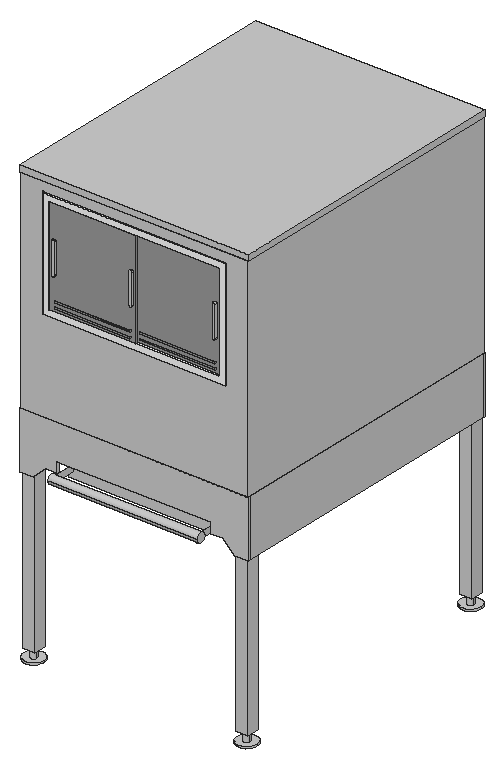
Revit family "QF_HOSHIZAKI_ITS500NS-31", category Specialty Equipment, Revit 2016
Family settings
  Part Type = Normal
  Round Connector Dimension = Use Diameter
  OmniClass Number = 23.40.40.14
  OmniClass Title = Food Service Equipment
  Work Plane-Based = No
  Always vertical = Yes
  Cut with Voids When Loaded = No
  Shared = No
  Room Calculation Point = No
Parameters (values of type "ITS500NS-31")
  Weight = 166.00 kg
  URL Cutsheet = ""
  URL = "www.hoshizaki-europe.com"
  Status [instance] = ""
  Specification by User [instance] = ""
  Specification by Manufacturer [instance] = ""
  Serial Number = ""
  Seismic Rating = ""
  SMACNA No = ""
  Revision Code [instance] = ""
  NAFEM Spec ID Number = ""
  Model = "ITS500NS-31"
  Masterspec = ""
  Manufacturer = "HOSHIZAKI"
  Length Actual = 787 mm
  Item Number [instance] = ""
  Installed By [instance] = ""
  Identify Quantity as Lot [instance] = no
  Height Actual = 1524 mm
  Furnished By [instance] = ""
  Foodservice Equipment Identifier [instance] = yes
  Description = "ICE TRANSPORT SYSTEM, 174KG BIN CAPACITY, SINGLE CART"
  Depth Actual = 1016 mm
  Cost = 0
  CSI MasterFormat = ""
  Assembly Code = "E1090320"
  Accessory = no
Reference planes
  plane 1 "Center (Front/Back)": y = 0
  plane 2: z = 0
  plane 3 "Center (Left/Right)": x = 0
Dimensions and locks
  aligned and locked: level to plane 2
Nested families
  nested 1: "QF_HOSHIZAKI_ITS500NS-31" at (0, 0, 0), type "ITS500NS-31"
    with Show Clearance yes
Definition of nested family "QF_HOSHIZAKI_ITS500NS-31"
  Parameters (values of type "ITS500NS-31")
    URL = "www.hoshizaki-europe.com"
    Show Clearance [instance] = yes
    Model = "ITS500NS-31"
    Manufacturer = "HOSHIZAKI"
    Description = "ICE TRANSPORT SYSTEM, 174KG BIN CAPACITY, SINGLE CART"
    Assembly Code = "E1090320"
  Reference planes
    plane 1 "Back": y = 0
    plane 2: z = 0
    plane 3 "Left": x = 0
    plane 4 "Right": x = 787
    plane 5 "Front": y = -1016
    plane 6 "Top": z = 1524
    plane 7: z = 775
  Forms (mm)
    Extrusion 1, solid
      sketch origin (44.953, -123.309, 1504) x (1, 0, 0) y (0, 1, 0)
        loop
          line (-44.453, -892.691) -> (741.547, -892.691) -> (741.547, 123.309) -> (-44.453, 123.309) -> (-44.453, -892.691)
      from 0 to 20
    Extrusion 2, solid
      sketch origin (0, 0, 0) x (1, 0, 0) y (0, 1, 0)
        loop
          line (2.5, -2) -> (2.5, -1014) -> (77.5, -1014) -> (77.5, -1004) -> (12.5, -1004) -> (12.5, -12) -> (774.5, -12) -> (774.5, -1004) -> (709.5, -1004) -> (709.5, -1014) -> (784.5, -1014) -> (784.5, -2) -> (2.5, -2)
      from 1504 to 775
    Extrusion 3, solid
      sketch origin (0, 0, 1469) x (1, 0, 0) y (0, 1, 0)
        loop
          line (77.5, -1004) -> (77.5, -1014) -> (709.5, -1014) -> (709.5, -1004) -> (77.5, -1004)
      from 0 to 35
    Extrusion 4, solid
      sketch origin (0, 0, 775) x (1, 0, 0) y (0, 1, 0)
        loop
          line (77.5, -1004) -> (77.5, -1014) -> (709.5, -1014) -> (709.5, -1004) -> (77.5, -1004)
      from 0 to 315
    Extrusion 5, solid
      sketch origin (0, 0, 775) x (1, 0, 0) y (0, 1, 0)
        loop
          line (12.5, -12) -> (12.5, -1004) -> (774.5, -1004) -> (774.5, -12) -> (12.5, -12)
      from 0 to 10
    Extrusion 6, solid
      sketch origin (0, 0, 330) x (1, 0, 0) y (0, 0, 1)
        loop
          line (79.5, 1137) -> (79.5, 762) -> (707.5, 762) -> (707.5, 1137) -> (79.5, 1137)
        loop
          line (687.5, 1117) -> (99.5, 1117) -> (99.5, 782) -> (687.5, 782) -> (687.5, 1117)
      from 1016 to 1004
    Extrusion 7, solid
      sketch origin (0, -1011, 165) x (1, 0, 0) y (0, 0, 1)
        loop
          line (101.5, 1280) -> (101.5, 949) -> (399.5, 949) -> (399.5, 1280) -> (101.5, 1280)
      from 0 to 5
    Extrusion 8, solid
      sketch origin (0, -1016, 165) x (1, 0, 0) y (0, 0, 1)
        loop
          line (120.5, 978.334) -> (380.5, 978.334) -> (380.5, 983.334) -> (120.5, 983.334) -> (120.5, 978.334)
        loop
          line (120.5, 958.334) -> (380.5, 958.334) -> (380.5, 963.334) -> (120.5, 963.334) -> (120.5, 958.334)
      from 0 to 2
    Extrusion 9, solid
      sketch origin (286, -1003, 165) x (1, 0, 0) y (0, 0, 1)
        loop
          line (101.5, 1280) -> (101.5, 949) -> (399.5, 949) -> (399.5, 1280) -> (101.5, 1280)
      from 0 to 5
    Extrusion 10, solid
      sketch origin (286, -1008, 165) x (1, 0, 0) y (0, 0, 1)
        loop
          line (120.5, 978.334) -> (380.5, 978.334) -> (380.5, 983.334) -> (120.5, 983.334) -> (120.5, 978.334)
        loop
          line (120.5, 958.334) -> (380.5, 958.334) -> (380.5, 963.334) -> (120.5, 963.334) -> (120.5, 958.334)
      from 0 to 2
    Extrusion 11, solid
      sketch origin (0, -1014, 262.346) x (1, 0, 0) y (0, 0, 1)
        loop
          line (112.18, 1069.654) -> (112.18, 964.654)
          arc (112.18, 964.654) -> (117.18, 959.654) -> (122.18, 964.654) r 5
          line (122.18, 964.654) -> (122.18, 1069.654)
          arc (122.18, 1069.654) -> (117.18, 1074.654) -> (112.18, 1069.654) r 5
      from 0 to 5
    Extrusion 12, solid
      sketch origin (787, -1014, 262.346) x (-1, 0, 0) y (0, 0, -1)
        loop
          arc (112.18, -1069.654) -> (117.18, -1074.654) -> (122.18, -1069.654) r 5
          line (122.18, -1069.654) -> (122.18, -964.654)
          arc (122.18, -964.654) -> (117.18, -959.654) -> (112.18, -964.654) r 5
          line (112.18, -964.654) -> (112.18, -1069.654)
      from 0 to 5
    Extrusion 13, solid
      sketch origin (0, 0, 35) x (1, 0, 0) y (0, 1, 0)
        loop
          line (5, -1011) -> (48.5, -1011) -> (48.5, -968) -> (5, -968) -> (5, -1011)
        loop
          line (738.5, -1011) -> (782, -1011) -> (782, -968) -> (738.5, -968) -> (738.5, -1011)
        loop
          line (5, -48) -> (48.5, -48) -> (48.5, -5) -> (5, -5) -> (5, -48)
        loop
          line (738.5, -48) -> (782, -48) -> (782, -5) -> (738.5, -5) -> (738.5, -48)
      from 0 to 544
    Extrusion 14, solid
      sketch origin (0, -1011, 0) x (1, 0, 0) y (0, 0, 1)
        loop
          line (88.5, 619) -> (128.5, 619) -> (128.5, 654) -> (658.5, 654) -> (658.5, 619) -> (698.5, 619) -> (738.5, 579) -> (787, 579) -> (787, 775) -> (0, 775) -> (0, 579) -> (48.5, 579) -> (88.5, 619)
      from 0 to 5
    Extrusion 15, solid
      sketch origin (0, 0, 0) x (1, 0, 0) y (0, 0, 1)
        loop
          line (88.5, 619) -> (128.5, 619) -> (128.5, 654) -> (658.5, 654) -> (658.5, 619) -> (698.5, 619) -> (738.5, 579) -> (787, 579) -> (787, 775) -> (0, 775) -> (0, 579) -> (48.5, 579) -> (88.5, 619)
      from 0 to 5
    Extrusion 16, solid
      sketch origin (0, 0, 0) x (0, 1, 0) y (0, 0, 1)
        loop
          line (-5, 579) -> (-5, 775) -> (-1011, 775) -> (-1011, 579) -> (-5, 579)
      from 0 to 5
    Extrusion 17, solid
      sketch origin (782, 0, 0) x (0, 1, 0) y (0, 0, 1)
        loop
          line (-5, 579) -> (-5, 775) -> (-1011, 775) -> (-1011, 579) -> (-5, 579)
      from 0 to 5
    Extrusion 18, solid
      sketch origin (0, 0, 0) x (1, 0, 0) y (0, 1, 0)
        loop
          circle (760.25, -989.5) r 35
        loop
          circle (26.75, -989.5) r 35
        loop
          circle (760.25, -26.5) r 35
        loop
          circle (26.75, -26.5) r 35
      from 0 to 5
    Extrusion 19, solid
      sketch origin (0, 0, 0) x (1, 0, 0) y (0, 1, 0)
        loop
          circle (26.75, -989.5) r 10
        loop
          circle (760.25, -989.5) r 10
        loop
          circle (26.75, -26.5) r 10
        loop
          circle (760.25, -26.5) r 10
      from 5 to 35
    Extrusion 20, solid
      sketch origin (0, 0, 0) x (1, 0, 0) y (0, 0, 1)
        loop
          line (130.5, 652) -> (130.5, 585.5) -> (656.5, 585.5) -> (656.5, 652) -> (130.5, 652)
      from 968 to 5
    Extrusion 21, solid
      sketch origin (143, 0, 0) x (0, 1, 0) y (0, 0, 1)
        loop
          line (-968, 628.75) -> (-1039.48, 628.75)
          arc (-1039.48, 628.75) -> (-1035.669, 618.75) -> (-1039.48, 608.75) r 15.027
          line (-1039.48, 608.75) -> (-968, 608.75) -> (-968, 628.75)
      from 0 to 2
    Extrusion 22, solid
      sketch origin (644, 0, 0) x (0, 1, 0) y (0, 0, -1)
        loop
          line (-968, -628.75) -> (-968, -608.75) -> (-1039.48, -608.75)
          arc (-1039.48, -608.75) -> (-1035.669, -618.75) -> (-1039.48, -628.75) r 15.027
          line (-1039.48, -628.75) -> (-968, -628.75)
      from 0 to 2
    Extrusion 23, solid
      sketch origin (0, 6.277, 0.666) x (0, 1, 0) y (0, 0, 1)
        loop
          circle (-1056.946, 618.084) r 15
      from 136.522 to 650.901
    Extrusion 24, solid, visible <- "Show Clearance", detail levels coarse
      sketch origin (0, 0, 0) x (0, 1, 0) y (0, 0, 1)
        loop
          line (-1016, 0) -> (-1016, 775) -> (-1847, 775) -> (-1847, 0) -> (-1016, 0)
      from 0 to 787
    Extrusion 25, solid
      sketch origin (501, -1014, 262.346) x (-1, 0, 0) y (0, 0, -1)
        loop
          arc (112.18, -1069.654) -> (117.18, -1074.654) -> (122.18, -1069.654) r 5
          line (122.18, -1069.654) -> (122.18, -964.654)
          arc (122.18, -964.654) -> (117.18, -959.654) -> (112.18, -964.654) r 5
          line (112.18, -964.654) -> (112.18, -1069.654)
      from 0 to 5
  Cuts and joins
    joined: Extrusion 2, Extrusion 3, Extrusion 4
  Lines and regions (mm)
    symbolic lines, visible <- "Show Clearance"
      curve 1: line (0, -1847, 0) -> (787, -1847, 0)
      curve 2: line (787, -1847, 0) -> (787, -1016, 0)
      curve 3: line (0, -1016, 0) -> (0, -1847, 0)
    symbolic lines
      curve 4: line (0, 0, 0) -> (787, 0, 0)
      curve 5: line (0, -1016, 0) -> (0, 0, 0)
      curve 6: line (787, -1016, 0) -> (0, -1016, 0)
      curve 7: line (787, 0, 0) -> (787, -1016, 0)
      curve 8: line (143, -1016, 0) -> (143, -1035.669, 0)
      curve 9: line (143, -1035.669, 0) -> (136.522, -1035.669, 0)
      curve 10: line (136.522, -1035.669, 0) -> (136.522, -1065.669, 0)
      curve 11: line (136.522, -1065.669, 0) -> (650.901, -1065.669, 0)
      curve 12: line (650.901, -1065.669, 0) -> (650.901, -1035.669, 0)
      curve 13: line (650.901, -1035.669, 0) -> (644, -1035.669, 0)
      curve 14: line (644, -1035.669, 0) -> (644, -1016, 0)
      curve 15: line (642, -1016, 0) -> (642, -1035.669, 0)
      curve 16: line (642, -1035.669, 0) -> (145, -1035.669, 0)
      curve 17: line (145, -1035.669, 0) -> (145, -1016, 0)
      curve 18: arc (0, -1012.071, 0) -> (-8.25, -989.5, 0) -> (0, -966.929, 0) r 35
      curve 19: arc (3.886, -1016, 0) -> (26.75, -1024.5, 0) -> (49.614, -1016, 0) r 35
      curve 20: arc (0, -3.929, 0) -> (-8.25, -26.5, 0) -> (0, -49.071, 0) r 35
      curve 21: arc (3.886, 0, 0) -> (26.75, 8.5, 0) -> (49.614, 0, 0) r 35
      curve 22: arc (783.114, 0, 0) -> (760.25, 8.5, 0) -> (737.386, 0, 0) r 35
      curve 23: arc (787, -49.071, 0) -> (795.358, -27.035, 0) -> (787, -5, 0) r 33.226
      curve 24: arc (787, -1012.071, 0) -> (795.25, -989.5, 0) -> (787, -966.929, 0) r 35
      curve 25: arc (737.386, -1016, 0) -> (760.25, -1024.5, 0) -> (783.114, -1016, 0) r 35
  Dimensions and locks
    aligned and locked: level to plane 2
